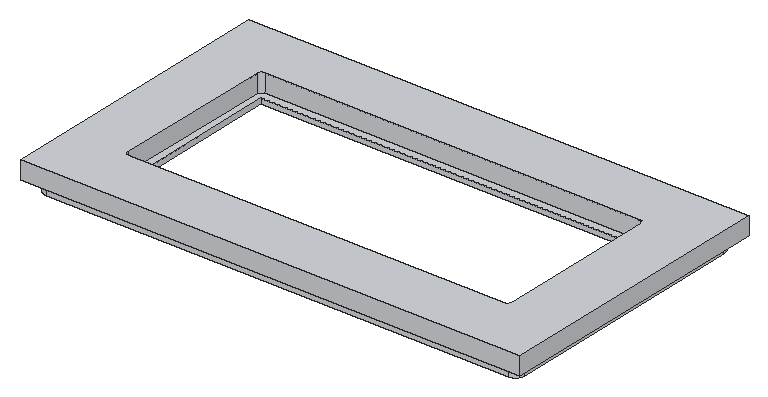
Revit family "Gira_1002127", category Electrical Fixtures, host Face, Revit 2017
Family settings
  Host = Face
  Maintain Annotation Orientation = No
  Round Connector Dimension = Use Diameter
  Part Type = Normal
  Cut with Voids When Loaded = No
  Shared = No
  Room Calculation Point = No
Parameters (values of type "Abdeckrahmen 2f o.M. Gira Esprit Alum.Braun")
  Werkstoffgüte = "aluminium"
  Werkstoff = "Metall"
  Verfügbar = "Ja"
  URL = "http://katalog.gira.de/de_DE/datenblatt.html?artikelnr=1002127"
  Transparent = "Nein"
  Textfeld/Beschriftungsfläche = "Nein"
  Schutzart (IP) = "IP20"
  Region = "DE"
  Oberfläche = "sonstige"
  Name = "Abdeckrahmen 2f o.M. Gira Esprit Alum.Braun"
  Montagerichtung = "horizontal und vertikal"
  Mit Montagerahmen = "Nein"
  Mit Klappdeckel = "Nein"
  Manufacturer URL = "https://www.gira.de/"
  Kategorie = "Abdeckrahmen"
  Manufacturer = "Gira"
  HeinzeBIM = "https://bimportal.heinze.de/bim/abdeckrahmen-2f-o-m-gira-esprit-alum-braun/83a79831a879e02727ddccbe24784a3f75b49245"
  Halogenfrei = "Ja"
  HAN = "1002127"
  Geeignet für Unterputz-Installation = "Ja"
  Geeignet für Unterflurkanaldose = "Nein"
  Geeignet für Geräteeinbaukanal = "Nein"
  Geeignet für Einbauinstallation = "Nein"
  GTIN = "4010337109136"
  Farbe = "braun"
  Description = "Abdeckrahmen Gira Esprit Aluminium Braun 2fach ohne Mittelsteg Merkmale: - Aluminium eloxiert E 1. Farbabweichungen sind möglich."
  Data sheet (1) = "https://katalog.gira.de/de_DE/download.html?artikelnr=1002127"
  Category = "Abdeckrahmen"
  Befestigungsart = "Klemmbefestigung"
  Keynote = "Espr._Rahmen_2fach o.Mittelsteg"
  Default Elevation = 1219.2 mm
  BIM (1) = "https://media.live.bim.site/public/gira/9fde4c0/Espr._Rahmen_2fach o.Mittelsteg.rfa?public/gira/9fde4c0/Espr._Rahmen_2fach o.Mittelsteg.rfa"
  Available = "Yes"
  Anzahl der Einheiten vertikal = "2 "
  Anzahl der Einheiten horizontal = "2 "
  Anzahl der Einheiten = "2 "
Reference planes
  plane 1 "Center (Front/Back)": y = 0
  plane 2: z = 0
  plane 3 "Center (Left/Right)": x = 0
Forms (mm)
  Extrusion 1, solid, detail levels fine
    sketch origin (0, 0, 0) x (1, 0, 0) y (0, 1, 0)
      loop
        line (-83, 47.5) -> (-83, -47.5) -> (83, -47.5) -> (83, 47.5) -> (-83, 47.5)
      loop
        arc (-63.75, -26.7) -> (-63.311, -27.761) -> (-62.25, -28.2) r 1.5
        line (-62.25, -28.2) -> (62.25, -28.2)
        arc (62.25, -28.2) -> (63.311, -27.761) -> (63.75, -26.7) r 1.5
        line (63.75, -26.7) -> (63.75, 26.7)
        arc (63.75, 26.7) -> (63.311, 27.761) -> (62.25, 28.2) r 1.5
        line (62.25, 28.2) -> (-62.25, 28.2)
        arc (-62.25, 28.2) -> (-63.311, 27.761) -> (-63.75, 26.7) r 1.5
        line (-63.75, 26.7) -> (-63.75, -26.7)
    from 0 to 6
  Extrusion 2, solid, detail levels fine
    sketch origin (0, 0, 0) x (1, 0, 0) y (0, 1, 0)
      loop
        line (-61.518, -25.7) -> (61.45, -25.7) -> (61.45, 25.7) -> (-61.518, 25.7) -> (-61.518, -25.7)
      loop
        arc (-78.55, -41.3) -> (-78.023, -42.573) -> (-76.75, -43.1) r 1.8
        line (-76.75, -43.1) -> (77.95, -43.1)
        arc (77.95, -43.1) -> (79.223, -42.573) -> (79.75, -41.3) r 1.8
        line (79.75, -41.3) -> (79.75, 41.3)
        arc (79.75, 41.3) -> (79.223, 42.573) -> (77.95, 43.1) r 1.8
        line (77.95, 43.1) -> (-76.75, 43.1)
        arc (-76.75, 43.1) -> (-78.023, 42.573) -> (-78.55, 41.3) r 1.8
        line (-78.55, 41.3) -> (-78.55, -41.3)
    from -1.9 to 0
  Extrusion 3, solid, detail levels fine
    sketch origin (0, 0, 0) x (1, 0, 0) y (0, 1, 0)
      loop
        arc (-76.75, 44.4) -> (-78.871, 43.521) -> (-79.75, 41.4) r 3
        line (-79.75, 41.4) -> (-79.75, -41.4)
        arc (-79.75, -41.4) -> (-78.871, -43.521) -> (-76.75, -44.4) r 3
        line (-76.75, -44.4) -> (76.75, -44.4)
        arc (76.75, -44.4) -> (78.871, -43.521) -> (79.75, -41.4) r 3
        line (79.75, -41.4) -> (79.75, 41.4)
        arc (79.75, 41.4) -> (78.871, 43.521) -> (76.75, 44.4) r 3
        line (76.75, 44.4) -> (-76.75, 44.4)
      loop
        arc (-78.55, -41.4) -> (-78.023, -42.673) -> (-76.75, -43.2) r 1.8
        line (-76.75, -43.2) -> (76.75, -43.2)
        arc (76.75, -43.2) -> (78.023, -42.673) -> (78.55, -41.4) r 1.8
        line (78.55, -41.4) -> (78.55, 41.4)
        arc (78.55, 41.4) -> (78.023, 42.673) -> (76.75, 43.2) r 1.8
        line (76.75, 43.2) -> (-76.75, 43.2)
        arc (-76.75, 43.2) -> (-78.023, 42.673) -> (-78.55, 41.4) r 1.8
        line (-78.55, 41.4) -> (-78.55, -41.4)
    from -3.7 to 0
  Extrusion 4, solid, detail levels medium
    sketch origin (0, 0, 0) x (1, 0, 0) y (0, 1, 0)
      loop
        line (-83, 47.5) -> (-83, -47.5) -> (83, -47.5) -> (83, 47.5) -> (-83, 47.5)
    from 0 to 6
  Extrusion 5, solid, detail levels medium
    sketch origin (0, 0, 0) x (1, 0, 0) y (0, 1, 0)
      loop
        line (-79.75, 44.4) -> (-79.75, -44.4) -> (79.75, -44.4) -> (79.75, 44.4) -> (-79.75, 44.4)
    from -3.7 to 0
  Extrusion 6, solid, detail levels coarse
    sketch origin (0, 0, 0) x (1, 0, 0) y (0, 1, 0)
      loop
        line (-83, 47.5) -> (-83, -47.5) -> (83, -47.5) -> (83, 47.5) -> (-83, 47.5)
    from -3.7 to 6
Dimensions and locks
  aligned and locked: plane 2 to host face
  aligned and locked: level to host face
